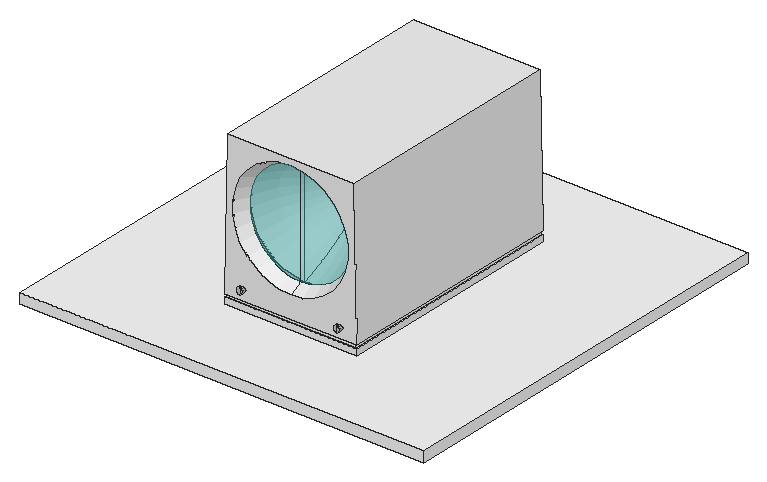
Revit family "BE_33581_de_DE", category Leuchten, Revit 2015
Parameters (values of type "BEGA_33581_Weiß_K4")
  built-in parameter 1150104 = 13.935 (stored number, unit not read)
  Wattage = 7.9 W
  Default Elevation = 0 mm
  built-in parameter 1150113 = 1 (stored number, unit not read)
  built-in parameter 1114218 = 1 (stored number, unit not read)
  Umgebungstemperatur = ""
  URL = "http://www.bega.de/produkt/33581"
  Typenkommentare = "© 2016 BEGA. Wir behalten uns das Recht vor, technische Änderungen ohne vorherige Ankündigung vorzunehmen."  # constant formula
  Type Image = 33581.png
  built-in parameter 1150134 = 12
  built-in parameter 1150109 = 1 (stored number, unit not read)
  Strom = ""
  built-in parameter 1150110 = 1 (stored number, unit not read)
  Spannung = 239.996 V
  Sonderanfertigung = no
  Seriennummer [instance] = "Hier können Sie die eindeutige Seriennummer für das Facility Management eintragen."
  Schutzklasse = "I"
  Schutzart = "IP 64"
  Scheinlast = 0 VA
  Produktdatenblatt = "http://www.bega.de/download/Xrfa/db/33581.db.de.pdf"
  Oberflächentemperatur = ""
  Neigungswinkel = 0.00°
  Modell = "33581WK4"
  Material_17 = BEGA_Reflektor
  Material_15 = BEGA_Leuchtmedium_matt
  Material_11 = BEGA_Glas_opal
  Material_09 = BEGA_Glas_klar
  Material_06 = BEGA_Oberfläche_Edelstahl_gebürstet
  Material_03 = BEGA_Oberfläche_Weiss_matt
  Material_02 = BEGA_Oberfläche_Silber_matt
  Material_01 [instance] = BEGA_Oberfläche_Grafit_matt
  M_W = yes
  M_G = no
  M_A = no
  Logo = 0
  built-in parameter 1114217 = 1 (stored number, unit not read)
  built-in parameter 1150139 = (empty or 0)
  built-in parameter 1150105 = 94.299 (stored number, unit not read)
  built-in parameter 1150114 = 1 (stored number, unit not read)
  Lumens = 1185 lm
  built-in parameter 1150115 = 1 (stored number, unit not read)
  Leuchtenlichtstrom = "782 lm"
  Leuchtenanzahl = ""
  Lebensdauerkriterien = "L70 = 50.000 h"
  Lastklassifizierung = Beleuchtung
  built-in parameter 1150112 = 1 (stored number, unit not read)
  Lampenlichtstrom = "1185 lm"
  Lampe = "LED 7.9 W"
  LED_Modulbezeichnung = "LED-0683/840 "
  built-in parameter 1150142 = (empty or 0)
  Hersteller = "BEGA"  # constant formula
  Halbstreuwinkel = ""
  Gewicht = "2.35 kg"
  Gebrauchslageneinschränkung [instance] = ""
  Frequenz = "0/50-60 Hz"
  Farbwiedergabeindex = "Ra > 80"
  Farbtemperaturverschiebung bei Dämpfen der Lampe = <Keine Auswahl>
  Farbtemperatur = "4000 K"
  Color Filter = 16777215
  built-in parameter 1150133 = 10 (stored number, unit not read)
  Energieeffizienzklasse = "LED A++ - A"
  built-in parameter 1150137 = (empty or 0)
  built-in parameter 1150132 = (empty or 0)
  ENEC = "ja"
  Dimmbar [instance] = "1-10 V SELV"
  Datei für fotometrisches Netz = "BE_33581K4.IES"
  CE_Konformität = "ja"
  Bestellnummer = "33581WK4"
  Beschreibung_Sonderanfertigung = "Hier können Sie Informationen zur Sonderanfertigung eintragen."
  Beschreibung = "Wandleuchte"
  built-in parameter 1150106 = 0.94299 (stored number, unit not read)
  Befestigungsbohrung = "Ø 4,5 mm"
  Befestigungsabstand = "105 mm"
  Ballwurfsicher = ""
  BEGA_Intern_aus = yes
  BEGA_Intern_an = yes
  BEGA_Intern_Konstruktion = yes
  BEGA_Intern = yes
  BEGA_IES = yes
  BEGA_Dummy = no
  Anschlussleitung = ""
  Anschlussleistung [instance] = "10 W"
  built-in parameter 1150107 = 4000 (stored number, unit not read)
  built-in parameter 1150102 = (empty or 0)
  built-in parameter 1150138 = (empty or 0)
  Aktualisierung = "2016-10-24T04:21:34"
  Abstand_zur_angestrahlten_Fläche [instance] = ""
  AC/DC = "AC/DC"
Types (6, lengths in mm): name | built-in parameter 1150104 | built-in parameter 1150134 | Modell | M_W | M_G | M_A | built-in parameter 1150105 | Lumens | Leuchtenlichtstrom | Lampenlichtstrom | LED_Modulbezeichnung | Farbtemperatur | Datei für fotometrisches Netz | Bestellnummer | built-in parameter 1150106 | built-in parameter 1150107
  BEGA_33581_Grafit_K3 | 13.23 (stored number, unit not read) | (empty or 0) | "33581" | no | yes | no | 89.528 (stored number, unit not read) | 1125.04 lm | "743 lm" | "1125 lm" | "LED-0683/830 " | "3000 K" | "BE_33581.IES" | "33581" | 0.89528 (stored number, unit not read) | 3000 (stored number, unit not read)
  BEGA_33581_Weiß_K4 | 13.935 (stored number, unit not read) | 12 | "33581WK4" | yes | no | no | 94.299 (stored number, unit not read) | 1185 lm | "782 lm" | "1185 lm" | "LED-0683/840 " | "4000 K" | "BE_33581K4.IES" | "33581WK4" | 0.94299 (stored number, unit not read) | 4000 (stored number, unit not read)
  BEGA_33581_Weiß_K3 | 13.23 (stored number, unit not read) | (empty or 0) | "33581W" | yes | no | no | 89.528 (stored number, unit not read) | 1125.04 lm | "743 lm" | "1125 lm" | "LED-0683/830 " | "3000 K" | "BE_33581.IES" | "33581W" | 0.89528 (stored number, unit not read) | 3000 (stored number, unit not read)
  BEGA_33581_Grafit_K4 | 13.935 (stored number, unit not read) | 12 | "33581K4" | no | yes | no | 94.299 (stored number, unit not read) | 1185 lm | "782 lm" | "1185 lm" | "LED-0683/840 " | "4000 K" | "BE_33581K4.IES" | "33581K4" | 0.94299 (stored number, unit not read) | 4000 (stored number, unit not read)
  BEGA_33581_Silber_K4 | 13.935 (stored number, unit not read) | 12 | "33581AK4" | no | no | yes | 94.299 (stored number, unit not read) | 1185 lm | "782 lm" | "1185 lm" | "LED-0683/840 " | "4000 K" | "BE_33581K4.IES" | "33581AK4" | 0.94299 (stored number, unit not read) | 4000 (stored number, unit not read)
  BEGA_33581_Silber_K3 | 13.23 (stored number, unit not read) | (empty or 0) | "33581A" | no | no | yes | 89.528 (stored number, unit not read) | 1125.04 lm | "743 lm" | "1125 lm" | "LED-0683/830 " | "3000 K" | "BE_33581.IES" | "33581A" | 0.89528 (stored number, unit not read) | 3000 (stored number, unit not read)
Reference planes
  plane 1 "Mitte (Vorne/Hinten)": y = 0
  plane 2: z = 0
  plane 3 "Mitte (Links/Rechts)": x = 0
  plane 4 "Links": x = -65.11
  plane 5 "Rechts": x = 65.11
  plane 6 "Unten": y = -115.176
  plane 7 "Oben": y = 115.044
  plane 8 "Vorne": z = 151.3
  plane 9 "Hinten": z = 0
Forms (mm)
  Extrusion 1, solid, material "BEGA_Platte_Weiss"
    sketch origin (0, -1119.2, 0) x (1, 0, 0) y (0, 1, 0)
      loop
        line (-200, 1319.2) -> (-200, 919.2) -> (200, 919.2) -> (200, 1319.2) -> (-200, 1319.2)
    from 0 to -10
  Extrusion 2, solid, material "BEGA_Dummy_matt", visible <- "BEGA_Dummy"
    sketch origin (80.095, -76.023, 0) x (1, 0, 0) y (0, 1, 0)
      loop
        line (-145.205, 191.067) -> (-145.205, -39.153) -> (-14.985, -39.153) -> (-14.985, 191.067) -> (-145.205, 191.067)
    from 0 to 151.3
Dimensions and locks
  plane 1 "Mitte (Vorne/Hinten)" to Extrusion 1 = 200 mm
  aligned and locked: plane 2 to Extrusion 1
  aligned and locked: level to Extrusion 1
Nested families
  nested 1: "BE_33581" at (0, 0, 0) x (0, -1, 0) z (0, 0, 1), type "BE_33581"
Connectors
  electrical at (0, 0, 0), driven by "Lastklassifizierung", driven by "Spannung", driven by "Scheinlast"
    settings: index 1, voltage 239.996 V, apparent load 0 VA, apparent load phase1 0 VA, apparent load phase2 0 VA, apparent load phase3 0 VA, power factor 1, load classification "Beleuchtung", number of poles 1, system type 31, power factor state 1, is connector primary yes, connector utility no, sub classification motor no, connector description ""
Definition of nested family "BE_33581"
  Parameters (values of type "BE_33581")
    Default Elevation = 1 mm
    URL = "http://www.bega.de/de/produkt"
    Type Comments = "© 2015 BEGA. Wir behalten uns das Recht vor, technische Änderungen ohne vorherige Ankündigung vorzunehmen. "  # constant formula
    Type Image = (empty or 0)
    Material_17 = none
    Material_15 = none
    Material_11 = none
    Material_09 = none
    Material_06 = none
    Material_03 = none
    Material_02 = none
    Material_01 = none
    M_W = yes
    M_G = yes
    M_A = yes
    Länge_Platte = 300 mm  # constant formula
    Höhe_Platte = -10 mm  # constant formula
    Manufacturer = "BEGA"  # constant formula
    Breite_Platte = 200 mm  # constant formula
  Reference planes
    plane 1 "Mitte (Oben/Unten)": y = 0
    plane 2: z = 0
    plane 3 "Mitte (Links/Rechts)": x = 0
    plane 4 "Unten": y = -65.11
    plane 5: x = -115.044
    plane 6: z = 151.3
    plane 7: x = 115.176
    plane 8: y = 65.11
  Forms (mm)
    Extrusion 1, solid, detail levels medium
      sketch origin (0, 0, 0) x (1, 0, 0) y (0, 1, 0)
        loop
          line (-150, 100) -> (-150, -100) -> (150, -100) -> (150, 100) -> (-150, 100)
      from 0 to -10 <- "Höhe_Platte"
    Extrusion 2, solid, material <- "Material_01", visible <- "M_G", detail levels medium+fine
      sketch origin (0, 0, 0) x (1, 0, 0) y (0, 0, 1)
        loop
          line (-114.824, 9.3) -> (-102.259, 9.3) -> (-102.259, 148.3) -> (102.259, 148.3) -> (102.259, 9.3) -> (115.176, 9.3) -> (115.176, 151.3) -> (-114.824, 151.3) -> (-114.824, 9.3)
      from -65.11 to 65.11
    Extrusion 3, solid, material <- "Material_01", visible <- "M_G", detail levels medium+fine
      sketch origin (0, 0, 0) x (0, 1, 0) y (0, 0, 1)
        loop
          line (-60, 151.3) -> (-65.11, 151.3) -> (-65.11, 9.3) -> (-60, 9.3) -> (-60, 151.3)
        loop
          line (60, 151.3) -> (60, 9.3) -> (65.11, 9.3) -> (65.11, 151.3) -> (60, 151.3)
      from -114.824 to 115.176
    Sweep 4, solid, material <- "Material_01", visible <- "M_G", detail levels medium+fine
      path origin (0, 0, 0) x (1, 0, 0) y (0, 1, 0)
        loop
          line (115.176, -65.11) -> (115.176, 65.11) -> (-115.11, 65.11) -> (-115.11, -65.11) -> (115.176, -65.11)
      profile origin (115.176, 0, 0) x (-1, 0, 0) y (0, 0, 1)
        loop
          line (0.176, 6.3) -> (0.066, 0) -> (7.976, 0) -> (8.447, 9) -> (54.804, 9) -> (54.804, 11.3) -> (3.262, 11.3) -> (1.041, 9.3) -> (1.041, 6.3) -> (0.176, 6.3)
    Extrusion 5, solid, material <- "Material_01", visible <- "M_G", detail levels medium+fine
      sketch origin (0, 0, 0) x (1, 0, 0) y (0, 1, 0)
        loop
          line (-60.306, 10.306) -> (-60.306, -10.306) -> (60.372, -10.306) -> (60.372, 10.306) -> (-60.306, 10.306)
      from 9 to 11.3
    Revolve 6, void
      sketch origin (0, 0, 0) x (1, 0, 0) y (0, 0, 1)
        loop
          line (102.259, 139.777) -> (102.259, 88.3) -> (115.176, 88.3) -> (115.176, 145.8) -> (102.259, 139.777)
        axis (115.176, 88.3) -> (102.259, 88.3)
      angle from 0 to 360
    Revolve 7, solid, material <- "Material_17", detail levels medium+fine
      sketch origin (-4.05, 0, 0) x (-1, 0, 0) y (0, 0, 1)
        loop
          arc (-102.097, 141.256) -> (-68.897, 126.601) -> (-40.677, 103.781) r 137.727
          line (-40.677, 103.781) -> (-40.06, 93.694) -> (-39.056, 93.667) -> (-39.71, 104.364)
          arc (-39.71, 104.364) -> (-67.927, 127.265) -> (-101.152, 141.988) r 137.727
          line (-101.152, 141.988) -> (-101.152, 145.816) -> (-102.097, 145.816) -> (-102.097, 141.256)
        axis (-102.097, 88.3) -> (-39.056, 88.3)
      angle from 0 to 360
    Revolve 8, solid, material <- "Material_09", detail levels medium+fine
      sketch origin (0, 0, 0) x (1, 0, 0) y (0, 0, 1)
        loop
          line (98.047, 144.78) -> (98.047, 88.3) -> (102.227, 88.3) -> (102.227, 144.78) -> (98.047, 144.78)
        axis (98.047, 88.3) -> (102.227, 88.3)
      angle from 0 to 360
    Revolve 9, solid, material <- "Material_15", detail levels medium+fine
      sketch origin (69.774, 0, 0) x (1, 0, 0) y (0, 0, 1)
        loop
          line (-36.847, 88.3) -> (-35.805, 88.3) -> (-35.805, 93.042) -> (-36.847, 93.042) -> (-36.847, 88.3)
        axis (-36.847, 88.3) -> (-35.805, 88.3)
      angle from 0 to 360
    Revolve 10, solid, material <- "Material_06", detail levels fine
      sketch origin (0, -48, 0) x (1, 0, 0) y (0, 0, -1)
        loop
          line (114.588, -22.1) -> (118.376, -22.1) -> (118.376, -19.101) -> (114.588, -19.101) -> (114.588, -22.1)
        axis (114.588, -19.101) -> (118.376, -19.101)
      angle from 0 to 360
    Revolve 11, solid, material <- "Material_06", detail levels fine
      sketch origin (0, 48, 0) x (1, 0, 0) y (0, 0, 1)
        loop
          line (114.588, 22.1) -> (114.588, 19.101) -> (118.376, 19.101) -> (118.376, 22.1) -> (114.588, 22.1)
        axis (114.588, 19.101) -> (118.376, 19.101)
      angle from 0 to 360
    Sweep 12, solid, material <- "Material_02", visible <- "M_A", detail levels medium+fine
      path origin (0, 0, 0) x (1, 0, 0) y (0, 1, 0)
        loop
          line (115.176, -65.11) -> (115.176, 65.11) -> (-115.11, 65.11) -> (-115.11, -65.11) -> (115.176, -65.11)
      profile origin (115.176, 0, 0) x (-1, 0, 0) y (0, 0, 1)
        loop
          line (0.176, 6.3) -> (0.066, 0) -> (7.976, 0) -> (8.447, 9) -> (54.804, 9) -> (54.804, 11.3) -> (3.262, 11.3) -> (1.041, 9.3) -> (1.041, 6.3) -> (0.176, 6.3)
    Extrusion 13, solid, material <- "Material_02", visible <- "M_A", detail levels medium+fine
      sketch origin (0, 0, 0) x (1, 0, 0) y (0, 1, 0)
        loop
          line (-60.306, 10.306) -> (-60.306, -10.306) -> (60.372, -10.306) -> (60.372, 10.306) -> (-60.306, 10.306)
      from 9 to 11.3
    Sweep 14, solid, material <- "Material_03", visible <- "M_W", detail levels medium+fine
      path origin (0, 0, 0) x (1, 0, 0) y (0, 1, 0)
        loop
          line (115.176, -65.11) -> (115.176, 65.11) -> (-115.11, 65.11) -> (-115.11, -65.11) -> (115.176, -65.11)
      profile origin (115.176, 0, 0) x (-1, 0, 0) y (0, 0, 1)
        loop
          line (0.176, 6.3) -> (0.066, 0) -> (7.976, 0) -> (8.447, 9) -> (54.804, 9) -> (54.804, 11.3) -> (3.262, 11.3) -> (1.041, 9.3) -> (1.041, 6.3) -> (0.176, 6.3)
    Extrusion 15, solid, material <- "Material_03", visible <- "M_W", detail levels medium+fine
      sketch origin (0, 0, 0) x (1, 0, 0) y (0, 1, 0)
        loop
          line (-60.306, 10.306) -> (-60.306, -10.306) -> (60.372, -10.306) -> (60.372, 10.306) -> (-60.306, 10.306)
      from 9 to 11.3
    Extrusion 16, solid, material <- "Material_02", visible <- "M_A", detail levels medium+fine
      sketch origin (0, 0, 0) x (1, 0, 0) y (0, 0, 1)
        loop
          line (-114.824, 9.3) -> (-102.259, 9.3) -> (-102.259, 148.3) -> (102.259, 148.3) -> (102.259, 9.3) -> (115.176, 9.3) -> (115.176, 151.3) -> (-114.824, 151.3) -> (-114.824, 9.3)
      from -65.11 to 65.11
    Extrusion 17, solid, material <- "Material_02", visible <- "M_A", detail levels medium+fine
      sketch origin (0, 0, 0) x (0, 1, 0) y (0, 0, 1)
        loop
          line (-60, 151.3) -> (-65.11, 151.3) -> (-65.11, 9.3) -> (-60, 9.3) -> (-60, 151.3)
        loop
          line (60, 151.3) -> (60, 9.3) -> (65.11, 9.3) -> (65.11, 151.3) -> (60, 151.3)
      from -114.824 to 115.176
    Extrusion 18, solid, material <- "Material_03", visible <- "M_W", detail levels medium+fine
      sketch origin (0, 0, 0) x (1, 0, 0) y (0, 0, 1)
        loop
          line (-114.824, 9.3) -> (-102.259, 9.3) -> (-102.259, 148.3) -> (102.259, 148.3) -> (102.259, 9.3) -> (115.176, 9.3) -> (115.176, 151.3) -> (-114.824, 151.3) -> (-114.824, 9.3)
      from -65.11 to 65.11
    Extrusion 19, solid, material <- "Material_03", visible <- "M_W", detail levels medium+fine
      sketch origin (0, 0, 0) x (0, 1, 0) y (0, 0, 1)
        loop
          line (-60, 151.3) -> (-65.11, 151.3) -> (-65.11, 9.3) -> (-60, 9.3) -> (-60, 151.3)
        loop
          line (60, 151.3) -> (60, 9.3) -> (65.11, 9.3) -> (65.11, 151.3) -> (60, 151.3)
      from -114.824 to 115.176
    Extrusion 20, void
      sketch origin (0, 0, 0) x (1, 0, 0) y (0, 1, 0)
        loop
          circle (0, 52.5) r 2.25
        loop
          circle (0, -52.5) r 2.25
        loop
          circle (19, 45) r 8.5
        loop
          circle (-19, 45) r 8.5
      from 0 to 15.771
    Extrusion 21, void
      sketch origin (0, 0, 0) x (0, 1, 0) y (0, 0, 1)
        loop
          line (-65.11, 9.3) -> (-62.522, 157.547) -> (-65.11, 157.547) -> (-65.11, 9.3)
        loop
          line (65.11, 9.3) -> (65.11, 157.547) -> (62.522, 157.547) -> (65.11, 9.3)
      from -122.47 to 122.023
  Cuts and joins
    Revolve 6, Extrusion 20, Extrusion 21 cuts Extrusion 2
    Revolve 6, Extrusion 20, Extrusion 21 cuts Extrusion 3
    joined: Extrusion 2, Extrusion 3
    Extrusion 20 cuts Sweep 4
    Extrusion 20 cuts Extrusion 5
    joined: Sweep 4, Extrusion 5
    Extrusion 20 cuts Sweep 12
    Extrusion 20 cuts Extrusion 13
    joined: Sweep 12, Extrusion 13
    Extrusion 20 cuts Sweep 14
    Extrusion 20 cuts Extrusion 15
    joined: Sweep 14, Extrusion 15
    Revolve 6, Extrusion 20, Extrusion 21 cuts Extrusion 16
    Extrusion 20, Extrusion 21 cuts Extrusion 17
    joined: Extrusion 16, Extrusion 17
    Revolve 6, Extrusion 20, Extrusion 21 cuts Extrusion 18
    Extrusion 20, Extrusion 21 cuts Extrusion 19
    joined: Extrusion 18, Extrusion 19
  Dimensions and locks
    equal spacing: Extrusion 1 sketch curve, plane 3 "Mitte (Links/Rechts)", Extrusion 1 sketch curve
    equal spacing: Extrusion 1 sketch curve, plane 1 "Mitte (Oben/Unten)", Extrusion 1 sketch curve
    "Länge_Platte": Extrusion 1 sketch curve to Extrusion 1 sketch curve
    "Breite_Platte": Extrusion 1 sketch curve to Extrusion 1 sketch curve
    aligned and locked: Extrusion 1 to plane 2
    aligned and locked: level to Extrusion 1
  Automatic sketch dimensions
    Extrusion 2 sketch curve to Extrusion 2 sketch curve = 12.565 mm
    level to Extrusion 2 sketch curve = 9.3 mm  (x2)
    Extrusion 2 sketch curve to Extrusion 2 sketch curve = 12.917 mm
    Extrusion 2 sketch curve to Extrusion 2 sketch curve = 3 mm
    plane 1 "Mitte (Oben/Unten)" to Extrusion 3 sketch curve = 65.11 mm
    Extrusion 3 sketch curve to Extrusion 3 sketch curve = 5.11 mm  (x2)
    Extrusion 3 sketch curve to plane 1 "Mitte (Oben/Unten)" = 60 mm
    level to Extrusion 3 sketch curve = 9.3 mm  (x2)
    plane 1 "Mitte (Oben/Unten)" to Sweep 4 sketch curve = 65.11 mm
    Sweep 4 sketch curve to plane 1 "Mitte (Oben/Unten)" = 65.11 mm
    Sweep 4 sketch curve to level = 0 mm
    Sweep 4 sketch curve to profile plane = 0.066 mm
    Sweep 4 sketch curve to profile plane = 0.176 mm
    Sweep 4 sketch curve to profile plane = 1.041 mm
    Sweep 4 sketch curve to Sweep 4 sketch curve = 2.221 mm
    Sweep 4 sketch curve to Sweep 4 sketch curve = 7.91 mm
    Sweep 4 sketch curve to Sweep 4 sketch curve = 5.185 mm
    level to Sweep 4 sketch curve = 9 mm
    Sweep 4 sketch curve to Sweep 4 sketch curve = 46.356 mm
    level to Sweep 4 sketch curve = 6.3 mm
    Sweep 4 sketch curve to Sweep 4 sketch curve = 3 mm
    Sweep 4 sketch curve to Sweep 4 sketch curve = 2 mm
    plane 1 "Mitte (Oben/Unten)" to Extrusion 5 sketch curve = 10.306 mm
    Extrusion 5 sketch curve to plane 3 "Mitte (Links/Rechts)" = 60.306 mm
    plane 3 "Mitte (Links/Rechts)" to Extrusion 5 sketch curve = 60.372 mm
    Extrusion 5 sketch curve to plane 1 "Mitte (Oben/Unten)" = 10.306 mm
    Revolve 6 sketch curve to Revolve 6 sketch curve = 12.917 mm
    level to Revolve 6 sketch curve = 88.3 mm
    Revolve 6 sketch curve to Revolve 6 sketch curve = 51.477 mm
    Revolve 6 sketch curve to Revolve 6 sketch curve = 6.023 mm
    plane 3 "Mitte (Links/Rechts)" to Revolve 6 sketch curve = 18.248 mm
    Revolve 6 sketch curve to Revolve 6 sketch curve = 0 mm  (x2)
    Revolve 7 sketch curve to level = 9.03 mm
    Revolve 7 sketch curve to Revolve 7 sketch curve = 0.78 mm  (x2)
    Revolve 7 sketch curve to plane 3 "Mitte (Links/Rechts)" = 98.047 mm
    Revolve 7 sketch curve to Revolve 7 sketch curve = 0.945 mm
    Revolve 7 sketch curve to plane 3 "Mitte (Links/Rechts)" = 36.627 mm
    Revolve 7 sketch curve to Revolve 7 sketch curve = 0.617 mm
    Revolve 7 sketch curve to Revolve 7 sketch curve = 0.966 mm
    Revolve 7 sketch curve to Revolve 7 sketch curve = 1.003 mm
    Revolve 7 sketch curve to level = 93.667 mm
    Revolve 7 sketch curve to Revolve 7 sketch curve = 0.026 mm
    Revolve 7 sketch curve to Revolve 7 sketch curve = 10.088 mm
    Revolve 7 sketch curve to Revolve 7 sketch curve = 0.583 mm
    Revolve 7 sketch curve to Revolve 7 sketch curve = 3.828 mm
    Revolve 7 sketch curve to Revolve 7 sketch curve = 8.327 mm
    Revolve 7 sketch curve to plane 3 "Mitte (Links/Rechts)" = 16.374 mm
    Revolve 7 sketch curve to Revolve 7 sketch curve = 5.367 mm
    plane 3 "Mitte (Links/Rechts)" to Revolve 8 sketch curve = 98.047 mm
    Revolve 8 sketch curve to Revolve 8 sketch curve = 4.18 mm
    level to Revolve 8 sketch curve = 88.3 mm
    Revolve 8 sketch curve to Revolve 8 sketch curve = 0 mm  (x2)
    Revolve 8 sketch curve to Revolve 8 sketch curve = 7.502 mm
    plane 3 "Mitte (Links/Rechts)" to Revolve 9 sketch curve = 32.927 mm
    Revolve 9 sketch curve to Revolve 9 sketch curve = 1.042 mm
    level to Revolve 9 sketch curve = 88.3 mm
    Revolve 9 sketch curve to Revolve 9 sketch curve = 4.742 mm
    Revolve 9 sketch curve to Revolve 9 sketch curve = 0 mm  (x2)
    Revolve 9 sketch curve to Revolve 9 sketch curve = 2.757 mm
    level to Revolve 10 sketch curve = 22.1 mm
    Revolve 10 sketch curve to Revolve 10 sketch curve = 3.788 mm
    Revolve 10 sketch curve to Revolve 10 sketch curve = 2.999 mm
    Revolve 10 sketch curve to Revolve 10 sketch curve = 0 mm  (x3)
    level to Revolve 11 sketch curve = 22.1 mm
    Revolve 11 sketch curve to Revolve 11 sketch curve = 3.788 mm
    Revolve 11 sketch curve to Revolve 11 sketch curve = 2.999 mm
    Revolve 11 sketch curve to Revolve 11 sketch curve = 0 mm  (x3)
    plane 1 "Mitte (Oben/Unten)" to Sweep 12 sketch curve = 65.11 mm
    Sweep 12 sketch curve to plane 1 "Mitte (Oben/Unten)" = 65.11 mm
    Sweep 12 sketch curve to level = 0 mm
    Sweep 12 sketch curve to profile plane = 0.066 mm
    Sweep 12 sketch curve to profile plane = 0.176 mm
    Sweep 12 sketch curve to profile plane = 1.041 mm
    Sweep 12 sketch curve to Sweep 12 sketch curve = 2.221 mm
    Sweep 12 sketch curve to Sweep 12 sketch curve = 7.91 mm
    Sweep 12 sketch curve to Sweep 12 sketch curve = 5.185 mm
    level to Sweep 12 sketch curve = 9 mm
    Sweep 12 sketch curve to Sweep 12 sketch curve = 46.356 mm
    level to Sweep 12 sketch curve = 6.3 mm
    Sweep 12 sketch curve to Sweep 12 sketch curve = 3 mm
    Sweep 12 sketch curve to Sweep 12 sketch curve = 2 mm
    plane 1 "Mitte (Oben/Unten)" to Extrusion 13 sketch curve = 10.306 mm
    Extrusion 13 sketch curve to plane 3 "Mitte (Links/Rechts)" = 60.306 mm
    plane 3 "Mitte (Links/Rechts)" to Extrusion 13 sketch curve = 60.372 mm
    Extrusion 13 sketch curve to plane 1 "Mitte (Oben/Unten)" = 10.306 mm
    plane 1 "Mitte (Oben/Unten)" to Sweep 14 sketch curve = 65.11 mm
    Sweep 14 sketch curve to plane 1 "Mitte (Oben/Unten)" = 65.11 mm
    Sweep 14 sketch curve to level = 0 mm
    Sweep 14 sketch curve to profile plane = 0.066 mm
    Sweep 14 sketch curve to profile plane = 0.176 mm
    Sweep 14 sketch curve to profile plane = 1.041 mm
    Sweep 14 sketch curve to Sweep 14 sketch curve = 2.221 mm
    Sweep 14 sketch curve to Sweep 14 sketch curve = 7.91 mm
    Sweep 14 sketch curve to Sweep 14 sketch curve = 5.185 mm
    level to Sweep 14 sketch curve = 9 mm
    Sweep 14 sketch curve to Sweep 14 sketch curve = 46.356 mm
    level to Sweep 14 sketch curve = 6.3 mm
    Sweep 14 sketch curve to Sweep 14 sketch curve = 3 mm
    Sweep 14 sketch curve to Sweep 14 sketch curve = 2 mm
    plane 1 "Mitte (Oben/Unten)" to Extrusion 15 sketch curve = 10.306 mm
    Extrusion 15 sketch curve to plane 3 "Mitte (Links/Rechts)" = 60.306 mm
    plane 3 "Mitte (Links/Rechts)" to Extrusion 15 sketch curve = 60.372 mm
    Extrusion 15 sketch curve to plane 1 "Mitte (Oben/Unten)" = 10.306 mm
    Extrusion 16 sketch curve to Extrusion 16 sketch curve = 12.565 mm
    level to Extrusion 16 sketch curve = 9.3 mm  (x2)
    Extrusion 16 sketch curve to Extrusion 16 sketch curve = 12.917 mm
    Extrusion 16 sketch curve to Extrusion 16 sketch curve = 3 mm
    plane 1 "Mitte (Oben/Unten)" to Extrusion 17 sketch curve = 65.11 mm
    Extrusion 17 sketch curve to Extrusion 17 sketch curve = 5.11 mm  (x2)
    Extrusion 17 sketch curve to plane 1 "Mitte (Oben/Unten)" = 60 mm
    level to Extrusion 17 sketch curve = 9.3 mm  (x2)
    Extrusion 18 sketch curve to Extrusion 18 sketch curve = 12.565 mm
    level to Extrusion 18 sketch curve = 9.3 mm  (x2)
    Extrusion 18 sketch curve to Extrusion 18 sketch curve = 12.917 mm
    Extrusion 18 sketch curve to Extrusion 18 sketch curve = 3 mm
    plane 1 "Mitte (Oben/Unten)" to Extrusion 19 sketch curve = 65.11 mm
    Extrusion 19 sketch curve to Extrusion 19 sketch curve = 5.11 mm  (x2)
    Extrusion 19 sketch curve to plane 1 "Mitte (Oben/Unten)" = 60 mm
    level to Extrusion 19 sketch curve = 9.3 mm  (x2)
    Extrusion 20 sketch curve to plane 3 "Mitte (Links/Rechts)" = 0 mm  (x2)
    Extrusion 20 sketch curve to plane 3 "Mitte (Links/Rechts)" = 19 mm
    plane 3 "Mitte (Links/Rechts)" to Extrusion 20 sketch curve = 19 mm
    plane 1 "Mitte (Oben/Unten)" to Extrusion 20 sketch curve = 52.5 mm
    Extrusion 20 sketch curve to plane 1 "Mitte (Oben/Unten)" = 45 mm
    Extrusion 20 sketch curve to Extrusion 20 sketch curve = 0 mm
    Extrusion 20 sketch curve to Extrusion 20 sketch curve = 7.5 mm
    Extrusion 2 sketch curve to plane 3 "Mitte (Links/Rechts)" = 114.824 mm
    plane 3 "Mitte (Links/Rechts)" to Extrusion 2 sketch curve = 102.259 mm
    Sweep 4 sketch curve to plane 3 "Mitte (Links/Rechts)" = 115.11 mm
    plane 3 "Mitte (Links/Rechts)" to Sweep 4 sketch curve = 115.176 mm
    Revolve 6 sketch curve to Revolve 6 sketch curve = 84.01 mm
    Revolve 7 sketch curve to Revolve 7 sketch curve = 29.427 mm
    plane 3 "Mitte (Links/Rechts)" to Revolve 10 sketch curve = 114.588 mm
    plane 3 "Mitte (Links/Rechts)" to Revolve 11 sketch curve = 114.588 mm
    Sweep 12 sketch curve to plane 3 "Mitte (Links/Rechts)" = 115.11 mm
    plane 3 "Mitte (Links/Rechts)" to Sweep 12 sketch curve = 115.176 mm
    Sweep 14 sketch curve to plane 3 "Mitte (Links/Rechts)" = 115.11 mm
    plane 3 "Mitte (Links/Rechts)" to Sweep 14 sketch curve = 115.176 mm
    Extrusion 16 sketch curve to plane 3 "Mitte (Links/Rechts)" = 114.824 mm
    plane 3 "Mitte (Links/Rechts)" to Extrusion 16 sketch curve = 102.259 mm
    Extrusion 18 sketch curve to plane 3 "Mitte (Links/Rechts)" = 114.824 mm
    plane 3 "Mitte (Links/Rechts)" to Extrusion 18 sketch curve = 102.259 mm
    Extrusion 2 sketch curve to plane 6 = 0 mm
    plane 6 to Extrusion 3 sketch curve = 0 mm  (x2)
    plane 6 to Revolve 8 sketch curve = 6.52 mm
    Extrusion 16 sketch curve to plane 6 = 0 mm
    plane 6 to Extrusion 17 sketch curve = 0 mm  (x2)
    Extrusion 18 sketch curve to plane 6 = 0 mm
    plane 6 to Extrusion 19 sketch curve = 0 mm  (x2)
    Extrusion 21 sketch curve to plane 4 "Unten" = 0 mm
    Extrusion 21 sketch curve to plane 8 = 0 mm
    Extrusion 21 sketch curve to Extrusion 21 sketch curve = 2.588 mm  (x2)
    level to Extrusion 21 sketch curve = 9.3 mm  (x2)
    Extrusion 21 sketch curve to plane 6 = 6.247 mm  (x2)
    radius of Extrusion 20 sketch curve = 2.25 mm  (x2)
    radius of Extrusion 20 sketch curve = 8.5 mm  (x2)
